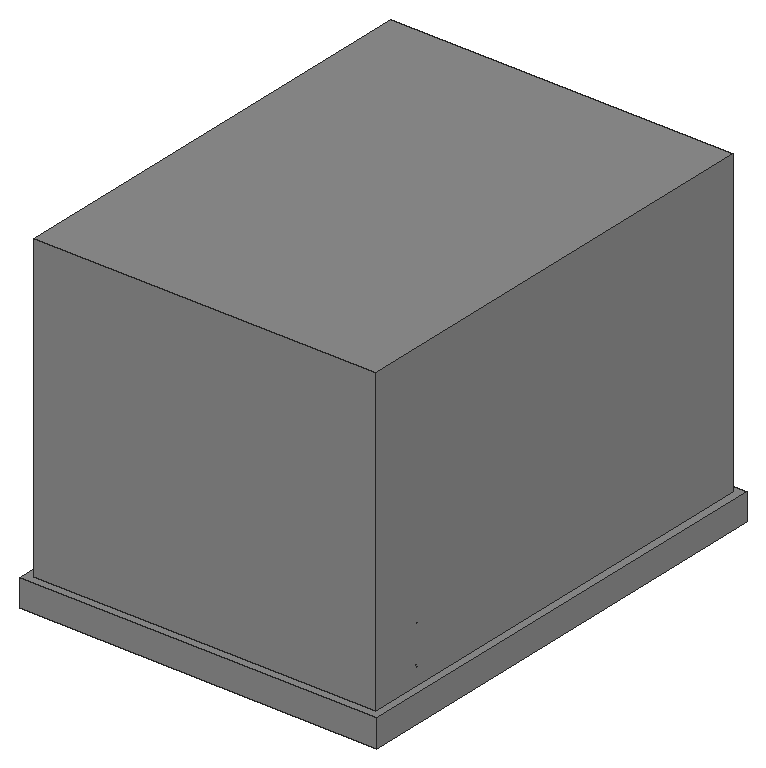
Revit family
Parameters (values of type "38AUQ07")
  PremierLink Controls [instance] = no
  Width = 4' - 11 3/8"
  Voltage = 0 V
  Version = 1
  Unit Material = Paint - Carrier - American Sterling Gray
  URL = "www.carrier.com"
  Type Comments = "6 Tons Heat Pump Outdoor Unit"
  Temperature Control [instance] = no
  Suction Connection Size = 1 1/8"
  Suction Connection Radus = Suction Connection Size / 2  # 9/16"
  Special Coated Coil Protection [instance] = no
  Right Clearance = 3' - 0"
  Programmable Thermostat [instance] = no
  Model = "38AUQ07"
  Manufacturer = "Carrier"  # constant formula
  MOCP = 0 A
  MCA = 0 A
  Convenience Outlet Non-Powered [instance] = no
  Liquid Connection Size = 3/8"
  Liquid Connection Radius = Liquid Connection Size / 2  # 3/16"
  Length = 3' - 9 7/8"
  Left Clearance = 3' - 0"
  IEER = 12.6
  Height = 3' - 6 3/8"
  Front Clearance = 3' - 6"
  Fan Radius = 1' - 0"
  Fan Centerline from Right and Front = Fan Radius + 0' 6"  # 1' - 6"
  Fan Centerline from Left and Back = Fan Radius + 0' 2"  # 1' - 2"
  EER = 11
  Disconnect Switch [instance] = no
  Disclaimer = "Manufacturer reserves the right to change, at any time, specifications and designs without notice and without obligation.  Please verify critical parameters with local Carrier commercial sales office."  # constant formula
  Convenience Outlet [instance] = no
  Back Clearance = 3' - 0"
  Assembly Code = "D3030"
Types (4): name | Type Comments | Suction Connection Size | Suction Connection Radus | Model | Liquid Connection Size | Liquid Connection Radius | IEER | Height
  (no name) | "6 Tons Heat Pump Outdoor Unit" | 1 1/8" | 9/16" | "38AUQ07" | 3/8" | 3/16" | 12.6 | 3' - 6 3/8"
  38AUQ07 | "6 Tons Heat Pump Outdoor Unit" | 1 1/8" | 9/16" | "38AUQ07" | 3/8" | 3/16" | 12.6 | 3' - 6 3/8"
  38AUQ08 | "7.5 Tons Heat Pump Outdoor Unit" | 1 1/8" | 9/16" | "38AUQ08" | 1/2" | 1/4" | 12 | 3' - 6 3/8"
  38AUQ12 | "10 Tons Heat Pump Outdoor Unit" | 1 3/8" | 11/16" | "28AUQ12" | 1/2" | 1/4" | 12 | 4' - 2 3/8"
Reference planes (in)
  plane 1 "Center (Front/Back)": y = 0
  plane 2: z = 0
  plane 3 "Center (Left/Right)": x = 0
  plane 4 "Back Face of Base": y = 29.6875
  plane 5 "Front Face of Base": y = -29.6875
  plane 6 "Left Face of Base": x = -22.9375
  plane 7 "Right Face of Base": x = 22.9375
  plane 8 "Back Clearance Line": y = 65.6875
  plane 9 "Left Clearance Line": x = -58.9375
  plane 10 "Right Clearance Line": x = 58.9375
  plane 11 "Front Clearance Line": y = -71.6875
  plane 12 "Top of Unit": z = 42.375
  plane 13 "Bottom of Unit": z = 0
  plane 14 "Top of Base": z = 3.5
  plane 15 "Back Face of Unit": y = 28.6875
  plane 16 "Front Face of Unit": y = -28.6875
  plane 17 "Left Face of Unit": x = -21.9375
  plane 18 "Right Face of Unit": x = 21.9375
  plane 19 "Back Fan Centerline - Side to Side": y = 14.6875
  plane 20 "Front Fan Centerline - Side to Side": y = -10.6875
  plane 21 "Front Fan Centerline - Front to Back": x = -7.9375
  plane 22 "Back Fan Centerline - Front to Back": x = 3.9375
  plane 23 "Liquid and Section Connections": y = -21.5625
  plane 24 "Suction Connection": z = 11.25
  plane 25 "Liquid Connection": z = 6.25
  plane 26 "Power Entry Centerline - Vertical": z = 29.125
  plane 27 "Convenience Outlet Centerline - Vertical": z = 17
  plane 28 "Power Entry Centerline - Horizontal": y = -24.9375
  plane 29 "Convenience Outlet Centerline - Horizontal": y = -24.1875
Forms (in)
  Extrusion 1, solid, material "Paint - Carrier - American Sterling Gray" <- "Unit Material"
    sketch origin (0, 0, 3.5) x (-1, 0, 0) y (0, -1, 0)
      loop
        line (21.9375, 28.6875) -> (-21.9375, 28.6875) -> (-21.9375, -28.6875) -> (21.9375, -28.6875) -> (21.9375, 28.6875)
    from 0 to 38.875
  Extrusion 2, solid, material "Paint - Carrier - American Sterling Gray" <- "Unit Material"
    sketch origin (0, 0, 0) x (-1, 0, 0) y (0, -1, 0)
      loop
        line (22.9375, 29.6875) -> (-22.9375, 29.6875) -> (-22.9375, -29.6875) -> (22.9375, -29.6875) -> (22.9375, 29.6875)
    from 0 to 3.5
  Extrusion 3, solid, material "Paint - Carrier - American Sterling Gray" <- "Unit Material", detail levels fine
    sketch origin (21.9375, 0, 0) x (0, 1, 0) y (0, 0, 1)
      loop
        circle (-21.5625, 11.25) r 0.75
    from 0 to -0.5
  Extrusion 4, solid, material "Paint - Carrier - American Sterling Gray" <- "Unit Material", detail levels fine
    sketch origin (21.9375, 0, 0) x (0, 1, 0) y (0, 0, 1)
      loop
        circle (-21.5625, 6.25) r 0.75
    from 0 to -0.5
  Extrusion 5, void
    sketch origin (-21.9375, 0, 0) x (0, 1, 0) y (0, 0, 1)
      loop
        circle (-24.9375, 29.125) r 0.75
    from 0 to 0.5
  Extrusion 6, solid, material "Paint - Carrier - American Sterling Gray"
    sketch origin (-21.9375, 0, 0) x (0, 1, 0) y (0, 0, 1)
      loop
        line (-22.9375, 15) -> (-22.9375, 19) -> (-25.4375, 19) -> (-25.4375, 15) -> (-22.9375, 15)
    from 0 to -0.0625
Lines and regions (in)
  symbolic lines, style "Clearance Zones", detail levels fine
    curve 1: line (-58.9375, -71.6875, 0) -> (58.9375, -71.6875, 0)
    curve 2: line (-58.9375, 65.6875, 0) -> (-58.9375, -71.6875, 0)
    curve 3: line (58.9375, 65.6875, 0) -> (-58.9375, 65.6875, 0)
    curve 4: line (58.9375, -71.6875, 0) -> (58.9375, 65.6875, 0)
  model lines, detail levels medium+fine
    curve 5: line (-21.9375, -18.6875, 42.375) -> (-21.9375, -18.6875, 3.5)
    curve 6: line (-21.9375, -16.1875, 3.5) -> (-21.9375, -16.1875, 42.375)
    curve 7: line (-19.4375, -28.6875, 3.5) -> (-19.4375, -28.6875, 42.375)
    curve 8: line (21.9375, -26.1875, 4.5) -> (21.9375, -14.1875, 4.5)
    curve 9: line (21.9375, -26.1875, 13) -> (21.9375, -26.1875, 4.5)
    curve 10: line (21.9375, -14.1875, 13) -> (21.9375, -26.1875, 13)
    curve 11: line (21.9375, -14.1875, 4.5) -> (21.9375, -14.1875, 13)
Dimensions and locks (in)
  equal spacing: plane 6 "Left Face of Base", plane 3 "Center (Left/Right)", plane 7 "Right Face of Base"
  "Length": plane 6 "Left Face of Base" to plane 7 "Right Face of Base"
  equal spacing: plane 4 "Back Face of Base", plane 1 "Center (Front/Back)", plane 5 "Front Face of Base"
  "Width": plane 4 "Back Face of Base" to plane 5 "Front Face of Base"
  "Left Clearance": plane 9 "Left Clearance Line" to plane 6 "Left Face of Base"
  "Right Clearance": plane 7 "Right Face of Base" to plane 10 "Right Clearance Line"
  "Back Clearance": plane 8 "Back Clearance Line" to plane 4 "Back Face of Base"
  "Front Clearance": plane 5 "Front Face of Base" to plane 11 "Front Clearance Line"
  "Height": plane 12 "Top of Unit" to level
  locked: plane 14 "Top of Base" to plane 13 "Bottom of Unit" at 3.5
  locked: plane 4 "Back Face of Base" to plane 15 "Back Face of Unit" at 1
  locked: plane 16 "Front Face of Unit" to plane 5 "Front Face of Base" at 1
  locked: plane 6 "Left Face of Base" to plane 17 "Left Face of Unit" at 1
  locked: plane 18 "Right Face of Unit" to plane 7 "Right Face of Base" at 1
  "Fan Centerline from Left and Back": plane 17 "Left Face of Unit" to plane 21 "Front Fan Centerline - Front to Back"
  "Fan Centerline from Right and Front": plane 22 "Back Fan Centerline - Front to Back" to plane 18 "Right Face of Unit"
  "Fan Centerline from Right and Front": plane 20 "Front Fan Centerline - Side to Side" to plane 16 "Front Face of Unit"
  "Fan Centerline from Left and Back": plane 15 "Back Face of Unit" to plane 19 "Back Fan Centerline - Side to Side"
  locked: curve 5 to plane 5 "Front Face of Base" at 11
  locked: curve 7 to plane 17 "Left Face of Unit" at 2.5
  locked: curve 6 to curve 5 at 2.5
  locked: curve 8 to plane 14 "Top of Base" at 1
  locked: curve 10 to plane 13 "Bottom of Unit" at 13
  locked: plane 16 "Front Face of Unit" to curve 9 at 2.5
  locked: curve 9 to curve 11 at 12
  locked: plane 5 "Front Face of Base" to plane 23 "Liquid and Section Connections" at 8.125
  locked: plane 25 "Liquid Connection" to plane 13 "Bottom of Unit" at 6.25
  locked: plane 24 "Suction Connection" to plane 13 "Bottom of Unit" at 11.25
  locked: plane 12 "Top of Unit" to plane 26 "Power Entry Centerline - Vertical" at 13.25
  locked: plane 27 "Convenience Outlet Centerline - Vertical" to plane 13 "Bottom of Unit" at 17
  locked: plane 28 "Power Entry Centerline - Horizontal" to plane 16 "Front Face of Unit" at 3.75
  locked: plane 29 "Convenience Outlet Centerline - Horizontal" to plane 16 "Front Face of Unit" at 4.5
  Extrusion 6 sketch curve to plane 29 "Convenience Outlet Centerline - Horizontal" to Extrusion 6 sketch curve = 0' - 1 1/4" locked, 0' - 1 1/4" locked
  Extrusion 6 sketch curve to plane 27 "Convenience Outlet Centerline - Vertical" to Extrusion 6 sketch curve = 0' - 2" locked, 0' - 2" locked
  radius of Extrusion 3 sketch curve = 0' - 0 3/4"
  radius of Extrusion 4 sketch curve = 0' - 0 3/4"
  radius of Extrusion 5 sketch curve = 0' - 0 3/4"
  aligned and locked: level to plane 2
  aligned and locked: plane 8 "Back Clearance Line" to curve 3
  aligned and locked: plane 10 "Right Clearance Line" to curve 4
  aligned and locked: curve 1 to plane 11 "Front Clearance Line"
  aligned and locked: curve 2 to plane 9 "Left Clearance Line"
  aligned and locked: level to plane 13 "Bottom of Unit"
  aligned and locked: plane 15 "Back Face of Unit" to Extrusion 1
  aligned and locked: plane 18 "Right Face of Unit" to Extrusion 1
  aligned and locked: Extrusion 1 to plane 16 "Front Face of Unit"
  aligned and locked: Extrusion 1 to plane 17 "Left Face of Unit"
  aligned and locked: Extrusion 1 to plane 14 "Top of Base"
  aligned and locked: plane 12 "Top of Unit" to Extrusion 1
  aligned and locked: Extrusion 2 to plane 6 "Left Face of Base"
  aligned and locked: plane 4 "Back Face of Base" to Extrusion 2
  aligned and locked: plane 7 "Right Face of Base" to Extrusion 2
  aligned and locked: Extrusion 2 to plane 5 "Front Face of Base"
  aligned and locked: Extrusion 2 to plane 13 "Bottom of Unit"
  aligned and locked: plane 14 "Top of Base" to Extrusion 2
  aligned and locked: plane 22 "Back Fan Centerline - Front to Back" to nested 2
  aligned and locked: nested 2 to plane 19 "Back Fan Centerline - Side to Side"
  aligned and locked: plane 21 "Front Fan Centerline - Front to Back" to nested 1
  aligned and locked: nested 1 to plane 20 "Front Fan Centerline - Side to Side"
  aligned and locked: plane 12 "Top of Unit" to curve 5
  aligned and locked: plane 14 "Top of Base" to curve 5
  aligned and locked: plane 12 "Top of Unit" to curve 6
  aligned and locked: plane 14 "Top of Base" to curve 6
  aligned and locked: plane 12 "Top of Unit" to curve 7
  aligned and locked: plane 14 "Top of Base" to curve 7
  aligned and locked: plane 24 "Suction Connection" to Extrusion 3 sketch curve
  aligned and locked: plane 23 "Liquid and Section Connections" to Extrusion 3 sketch curve
  aligned and locked: plane 23 "Liquid and Section Connections" to Extrusion 4 sketch curve
  aligned and locked: plane 25 "Liquid Connection" to Extrusion 4 sketch curve
  aligned and locked: plane 26 "Power Entry Centerline - Vertical" to Extrusion 5 sketch curve
  aligned and locked: plane 28 "Power Entry Centerline - Horizontal" to Extrusion 5 sketch curve
  aligned and locked: plane 17 "Left Face of Unit" to Extrusion 6
  aligned and locked: plane 18 "Right Face of Unit" to Extrusion 4
  aligned and locked: plane 18 "Right Face of Unit" to Extrusion 3
Automatic sketch dimensions
  Extrusion 1 sketch curve to plane 18 "Right Face of Unit" = 0' - 0"
  plane 17 "Left Face of Unit" to Extrusion 1 sketch curve = 0' - 0"
  Extrusion 1 sketch curve to plane 15 "Back Face of Unit" = 0' - 0"
  plane 16 "Front Face of Unit" to Extrusion 1 sketch curve = 0' - 0"
  plane 7 "Right Face of Base" to Extrusion 2 sketch curve = 0' - 0"
  Extrusion 2 sketch curve to plane 6 "Left Face of Base" = 0' - 0"
  plane 4 "Back Face of Base" to Extrusion 2 sketch curve = 0' - 0"
  Extrusion 2 sketch curve to plane 5 "Front Face of Base" = 0' - 0"
Nested families (in)
  nested 1: "Fan-Grill-Carrier" at (-7.9375, -10.6875, 42.375), built-in parameter 1001364 <- "Height", type "Fan-Grill-Carrier"
  nested 2: "Fan-Grill-Carrier" at (3.9375, 14.6875, 42.375), built-in parameter 1001364 <- "Height", type "Fan-Grill-Carrier"
Connectors (in)
  piping at (21.9375, -21.5625, 11.25), driven by "Suction Connection Radus"
    settings: on Extrusion 3, index 3, connector radius 9/16", flow factor 0, pipe flow 0 GPM, pressure drop 0.00 psi, fitting loss kfactor 0, connector angle 0.00°, fixture units 0, flow configuration 1, flow direction 1, fitting loss method 0, system type 22, connector reference index -1, connector utility 0, adjustable connector no, is connector primary yes, fitting loss table "", connector description "Suction Connection"
  piping at (21.9375, -21.5625, 6.25), driven by "Liquid Connection Radius"
    settings: on Extrusion 4, index 4, connector radius 3/16", flow factor 0, pipe flow 0 GPM, pressure drop 0.00 psi, fitting loss kfactor 0, connector angle 0.00°, fixture units 0, flow configuration 1, flow direction 2, fitting loss method 0, system type 22, connector reference index -1, connector utility 0, adjustable connector no, is connector primary no, fitting loss table "", connector description "Liquid Connection"
  electrical at (-21.9375, -24.9375, 29.125)
    settings: on Extrusion 5, index 5, voltage 0 V, apparent load 0 VA, apparent load phase1 0 VA, apparent load phase2 0 VA, apparent load phase3 0 VA, power factor 1, load classification "Motor", number of poles 3, system type 30, power factor state 1, is connector primary yes, connector utility no, sub classification motor no, connector description "Primary Power"
Definition of nested family "Fan-Grill-Carrier"
  Parameters (values of type "OutdoorFan")
    Fan Radius = 0' - 11"
    Fan 3rd Circle Radius = Fan Radius * 0.75  # 0' - 8 1/4"
    Fan 2nd Circle Radius = Fan Radius * 0.5  # 0' - 5 1/2"
    Fan Inner Circle Radius = Fan Radius * 0.25  # 0' - 2 3/4"
    Assembly Code = ""
  Reference planes (in)
    plane 1 "Center (Front/Back)": y = 0
    plane 2: z = 0
    plane 3 "Center (Left/Right)": x = 0
  Lines and regions (in)
    model lines, style "Fan", detail levels medium+fine
      curve 1: circle (0, 0, 0) r 11 normal (0, 0, 1)
      curve 2: circle (0, 0, 0) r 5.5 normal (0, 0, 1)
      curve 3: circle (0, 0, 0) r 2.75 normal (0, 0, 1)
      curve 4: circle (0, 0, 0) r 8.25 normal (0, 0, 1)
  Dimensions and locks (in)
    "Fan Radius": radius of curve 1
    "Fan 3rd Circle Radius": radius of curve 4
    "Fan Inner Circle Radius": radius of curve 3
    "Fan 2nd Circle Radius": radius of curve 2
    aligned and locked: level to plane 2
  Automatic sketch dimensions
    curve 1 to curve 3 = 0' - 0"  (x2)
    curve 2 to curve 4 = 0' - 0"  (x2)
    curve 3 to curve 4 = 0' - 0"  (x2)
    plane 1 "Center (Front/Back)" to curve 2 = 0' - 0"
    curve 2 to plane 3 "Center (Left/Right)" = 0' - 0"
